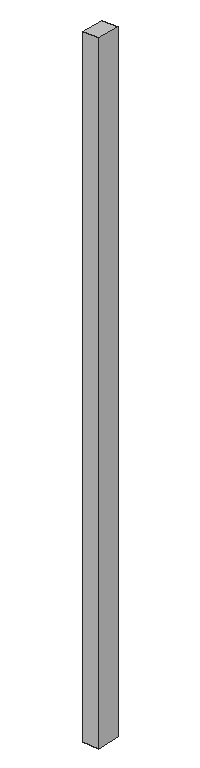
Revit family "Haworth_Enclose_Accessories_WallTransitionPost", category Furniture Systems, Revit 2018
Family settings
  Round Connector Dimension = Use Diameter
  Part Type = Normal
  OmniClass Number = 23.25.40.14
  OmniClass Title = Demountable Partitions
  Work Plane-Based = No
  Always vertical = Yes
  Cut with Voids When Loaded = No
  Shared = No
  Room Calculation Point = No
Parameters (values of type "3 Way - 90")
  Warranty = "http://www.haworth.com/resources/product-info/warranties"
  URL - Product = "http://www.haworth.com/products/architectural-interiors/moveable-walls/enclose"
  Type Comments = ""
  Sustainability Info = "http://www.haworth.com/company-info/sustainablility"
  Model = "Haworth - Enclose Accessories"  # constant formula
  Min/Max Height = "84-144 in."  # constant formula
  Min. Height = 84"  # constant formula
  Max. Height = 144"  # constant formula
  Material Options = "http://surfaces.haworth.com/haworth-surface-collection"
  Width = 2.69"  # constant formula
  URL = "www.haworth.com"
  Revision Number = "3"  # constant formula
  Manufacturer = "Haworth"  # constant formula
  Height = 108"
  Frame Finish = Haworth _ Metal _ Brushed Aluminum
  Description = "Wall Transition Post"  # constant formula
  Depth = 4"  # constant formula
  Author = "SHAPE Environments, LLC"  # constant formula
  Assembly Code = "C1010200"
  Actual Height = if(Height < Min. Height, Min. Height, if(Height > Max. Height, Max. Height, Height))  # 108"
Types (2): name
  3 Way - 90
  2 Way - 90
Reference planes (in)
  plane 1 "Center F/B": y = -0.92921
  plane 2: z = 0
  plane 3 "Center L/R": x = 1.1802
  plane 4: y = 1.07079
  plane 5: y = -2.92921
  plane 6 "Top": z = 108
  plane 7 "Right": x = 3.8702
Forms (in)
  Extrusion 1, solid, material "Haworth _ Metal _ Brushed Aluminum" <- "Frame Finish"
    sketch origin (0, 0, 0) x (1, 0, 0) y (0, 1, 0)
      loop
        line (1.1802, 1.07079) -> (1.1802, -2.92921) -> (3.8702, -2.92921) -> (3.8702, 1.07079) -> (1.1802, 1.07079)
    from 0 to 108
Dimensions and locks (in)
  equal spacing: plane 4, plane 1 "Center F/B", plane 5
  "Depth": plane 4 to plane 5
  "Actual Height": plane 6 "Top" to plane 2
  "Width": plane 3 "Center L/R" to plane 7 "Right"
  aligned and locked: plane 3 "Center L/R" to Extrusion 1 sketch curve
  aligned and locked: Extrusion 1 sketch curve to plane 4
  aligned and locked: plane 5 to Extrusion 1 sketch curve
  aligned and locked: Extrusion 1 sketch curve to plane 7 "Right"
  aligned and locked: plane 6 "Top" to Extrusion 1
